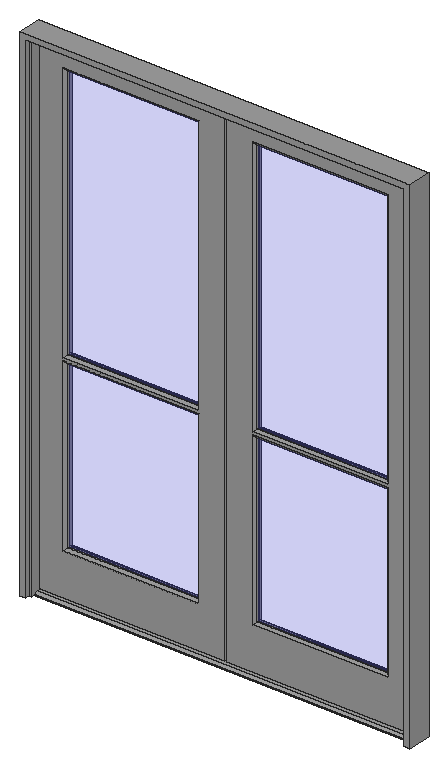
Revit family "WS-500 DOOR-Double-0.25-PD-CW_v05", category Curtain Panels, Revit 2015
Parameters
  Width [instance] = 6' - 2"
  URL = "obe.com"
  Rough Width [instance] = 6' - 0"
  Panel Width [instance] = Min Panel Width  # 6' - 0"
  Panel Offset [instance] = 0' - 0"
  Offset [instance] = 0' - 1"
  Model = "WS-500 DOOR"
  Min Rough Width [instance] = if(Rough Width > 6' 1 255/256", Rough Width, 6' 2")  # 6' - 2"
  Min Panel Width [instance] = if(Rough Width > 6' 1 255/256", Rough Width - 0' 2", 6' 0")  # 6' - 0"
  Manufacturer = "Oldcastle BuildingEnvelope®"
  Keynote = "08 11 00"
  Height [instance] = 8' - 0"
  Pushbar Height [instance] = 3' - 5 1/4"  # constant formula
  Glass Material = Glass
  Frame Material = Aluminum
  Door Panel Height [instance] = Height - 0' 0 1/2"  # 7' - 11 1/2"
  Description = "WS-500 - 0.25\" Door Infill"
  Assembly Code = "B2030"
  Analytic Construction = "<None>"
  8 Muntin [instance] = no
  6.5 Muntin [instance] = no
  10 Bottom Rail [instance] = not([8 Bottom Rail])  # no
  4 Muntin [instance] = no
  8 Bottom Rail [instance] = yes
  1.875 Muntin [instance] = no
  0.5 Muntin [instance] = if(or([1.875 Muntin], [4 Muntin], [6.5 Muntin], [8 Muntin]), 1 = 2, 1 = 1)  # yes
Reference planes (in)
  plane 1 "Front": y = 0
  plane 2: z = 0
  plane 3 "Center (Left/Right)": x = 0
  plane 4 "Left": x = -37
  plane 5 "Right": x = 37
  plane 6 "Top": z = 96
  plane 7 "Offset": y = -1
  plane 8: y = -2.28244
  plane 9: y = -2.28244
  plane 10: x = -37
  plane 11: x = 37
Forms (in)
  Sweep 1, solid, material "Aluminum" <- "Frame Material"
    path origin (0, -1, 0) x (-1, 0, 0) y (0, 0, 1)
      loop
        line (37, 0) -> (37, 96)
    profile origin (-37, -1, 48) x (1, 0, 0) y (0, 1, 0)
      loop
        line (1, -1.97) -> (1, 0) -> (0, 0) -> (0, -4.5) -> (1, -4.5) -> (1, -3.595) -> (1.5, -3.595) -> (1.5, -1.97) -> (1, -1.97)
  Sweep 2, solid, material "Aluminum" <- "Frame Material"
    path origin (0, -1, 0) x (-1, 0, 0) y (0, 0, 1)
      loop
        line (-37, 0) -> (-37, 96)
    profile origin (37, -1, 48) x (1, 0, 0) y (0, 1, 0)
      loop
        line (-1, -1.97) -> (-1.5, -1.97) -> (-1.5, -3.595) -> (-1, -3.595) -> (-1, -4.5) -> (0, -4.5) -> (0, 0) -> (-1, 0) -> (-1, -1.97)
  Extrusion 3, solid, material "Aluminum" <- "Frame Material"
    sketch origin (-37, 0, 0) x (0, -1, 0) y (0, 0, 1)
      loop
        line (2.97, 94.5) -> (4.595, 94.5) -> (4.595, 95) -> (5.5, 95) -> (5.5, 96) -> (1, 96) -> (1, 95) -> (2.97, 95) -> (2.97, 94.5)
    from -74 to 0
Cuts and joins
  joined: Sweep 1, Sweep 2, Extrusion 3
Text (in)
  text "Exterior" at (-54.29358, 31.38743, 0), in view "Ref. Level"
  text "Exterior" at (480, 41.53993, 89.60405), in view "Right"
  text "Exterior" at (-240, 57.82419, 105.78864), in view "Left"
Dimensions and locks (in)
  equal spacing: plane 4 "Left", plane 3 "Center (Left/Right)", plane 5 "Right"
  "Width": plane 4 "Left" to plane 5 "Right"
  "Height": plane 6 "Top" to plane 2
  "Offset": plane 1 "Front" to plane 7 "Offset"
  locked: plane 7 "Offset" to plane 8 at 1.28244
  locked: plane 7 "Offset" to plane 9 at 1.28244
  locked: plane 7 "Offset" to nested 4 at 1.28244
  Extrusion 3 sketch curve to Extrusion 3 sketch curve to Extrusion 3 sketch curve = 0' - 0 1/2" locked, 0' - 0" locked
  locked: Extrusion 3 sketch curve to Extrusion 3 sketch curve at 1
  plane 7 "Offset" to Extrusion 3 sketch curve to Extrusion 3 sketch curve to Extrusion 3 sketch curve to Extrusion 3 sketch curve = 0' - 0" locked, 0' - 1.97" locked, 0' - 1 5/8" locked, 0' - 0.905" locked
  equal spacing: plane 10, plane 3 "Center (Left/Right)", plane 11
  "Min Rough Width": plane 10 to plane 11
  aligned and locked: level to plane 2
  aligned and locked: nested 2 to plane 8
  aligned and locked: plane 9 to nested 3
  aligned and locked: plane 6 "Top" to Sweep 1 sketch curve
  aligned and locked: level to Sweep 1 sketch curve
  aligned and locked: plane 6 "Top" to Sweep 2 sketch curve
  aligned and locked: level to Sweep 2 sketch curve
  aligned and locked: plane 6 "Top" to nested 4
  aligned and locked: Extrusion 3 to plane 6 "Top"
  aligned and locked: Extrusion 3 sketch curve to plane 6 "Top"
  aligned and locked: nested 1 to plane 7 "Offset"  (x2)
  aligned and locked: plane 3 "Center (Left/Right)" to nested 1
  aligned and locked: nested 3 to plane 10
  aligned and locked: plane 11 to nested 2
  aligned and locked: Sweep 1 sketch curve to plane 10
  aligned and locked: plane 11 to Sweep 2 sketch curve
  aligned and locked: cut or joined group of Sweep 1, Sweep 2, Extrusion 3 to plane 11
  aligned and locked: cut or joined group of Sweep 1, Sweep 2, Extrusion 3 to plane 10
Automatic sketch dimensions
  Sweep 1 sketch curve to profile plane = 0' - 0"
  Sweep 1 sketch curve to plane 7 "Offset" = 0' - 0"
  Sweep 1 sketch curve to profile plane = 0' - 1"  (x2)
  Sweep 1 sketch curve to Sweep 1 sketch curve = 0' - 0 1/2"
  Sweep 1 sketch curve to plane 7 "Offset" = 0' - 1.97"
  Sweep 1 sketch curve to Sweep 1 sketch curve = 0' - 1 5/8"
  Sweep 1 sketch curve to Sweep 1 sketch curve = 0' - 0.905"
  Sweep 2 sketch curve to plane 7 "Offset" = 0' - 0"
  Sweep 2 sketch curve to profile plane = 0' - 0"
  profile plane to Sweep 2 sketch curve = 0' - 1"  (x2)
  Sweep 2 sketch curve to Sweep 2 sketch curve = 0' - 0 1/2"
  Sweep 2 sketch curve to plane 7 "Offset" = 0' - 1.97"
  Sweep 2 sketch curve to Sweep 2 sketch curve = 0' - 1 5/8"
  Sweep 2 sketch curve to Sweep 2 sketch curve = 0' - 0.905"
Nested families (in)
  nested 1: "WS-500 DOOR-Double-0.25-PD-Panel_v04" at (0, 5, 0), Frame Material <- "Frame Material", Glass Material <- "Glass Material", 0.5 Muntin <- "0.5 Muntin", 1.875 Muntin <- "1.875 Muntin", 4 Muntin <- "4 Muntin", 6.5 Muntin <- "6.5 Muntin", 8 Muntin <- "8 Muntin", Height <- "Door Panel Height", Width <- "Min Panel Width", 10 Bottom Rail <- "10 Bottom Rail", type "WS-500 PIVOT DOOR-Double-0.25-Panel"
    with Wing Width 3' - 0", built-in parameter 1001301 6' - 0", Pushbar Height 3' - 5 1/4", Offset 0' - 0", built-in parameter 1001300 7' - 11 1/2", Glass at Muntin 0' - 1 1/16", Glass Material Glass, Frame Material Aluminum, Bottom Rail 0' - 8 31/32", 8 Muntin no, 8 Bottom Rail yes, 6.5 Muntin no, 4 Muntin no, 10 Bottom Rail no, 1.875 Muntin no, 0.5 Muntin yes
  nested 2: "2.5x6-RTCIG CW-H8533-DHD-OHD SC-DI" at (37, -2.28244, 0) x (0, -1, 0) z (0, 0, 1), type "2.5x6-RTCIG CW-H8533-DHD-OHD SC-DI"
  nested 3: "2.5x6-RTCIG CW-H8533-DHD-OHD SC-DI" at (-37, -2.28244, 0) x (0, -1, 0) z (0, 0, 1), type "2.5x6-RTCIG CW-H8533-DHD-OHD SC-DI"
  nested 4: "2.5x6-RTCIG CW-H8533-DHD-OHD SC-DI" at (-33, -2.28244, 96) x (0, -1, 0) z (-1, 0, 0), type "2.5x6-RTCIG CW-H8533-DHD-OHD SC-DI"
Definition of nested family "WS-500 DOOR-Double-0.25-PD-Panel_v04"
  Parameters (values of type "WS-500 PIVOT DOOR-Double-0.25-Panel")
    Wing Width [instance] = Width / 2  # 3' - 0"
    Width [instance] = 6' - 0"
    Offset [instance] = 0' - 5 15/16"
    Height [instance] = 8' - 0"
    Glass at Muntin [instance] = if([8 Muntin], 0' 8 9/16", if([6.5 Muntin], 0' 7 1/16", if([4 Muntin], 0' 4 9/16", if([1.875 Muntin], 0' 2 109/256", 0' 1 1/16"))))  # 0' - 1 1/16"
    Pushbar Height [instance] = 3' - 5 1/4"  # constant formula
    Glass Material [instance] = none
    Frame Material [instance] = none
    Bottom Rail [instance] = if([10 Bottom Rail], 0' 10 31/32", 0' 8 31/32")  # 0' - 10 31/32"
    Analytic Construction = "<None>"
    8 Muntin [instance] = no
    8 Bottom Rail [instance] = not([10 Bottom Rail])  # no
    6.5 Muntin [instance] = no
    4 Muntin [instance] = no
    10 Bottom Rail [instance] = yes
    1.875 Muntin [instance] = no
    0.5 Muntin [instance] = if(or([1.875 Muntin], [4 Muntin], [6.5 Muntin], [8 Muntin]), 1 = 2, 1 = 1)  # yes
  Reference planes (in)
    plane 1 "00": y = -12.9375
    plane 2: z = 0
    plane 3 "Center (Left/Right)": x = 0
    plane 4: z = 96
    plane 5: x = -36
    plane 6: x = 36
    plane 7 "Center (Front/Back)": y = -6
    plane 8 "Exterior": y = -12.8125
    plane 9: z = 48
    plane 10: z = 91.09375
    plane 11: z = 41.78125
    plane 12: z = 40.71875
    plane 13: z = 10.96875
    plane 14: z = 41.25
    plane 15 "Offset": y = -11.9375
  Forms (in)
    Sweep 1, solid, material <- "Frame Material"
      path origin (0, -12.9375, 0) x (1, 0, 0) y (0, 0, 1)
        loop
          line (-35.79321, 96) -> (-0.22004, 96)
      profile origin (-18.00662, -12.9375, 96) x (0, 0, 1) y (0, -1, 0)
        loop
          line (-0.5, -0.875) -> (-0.5, 0.875) -> (-4.62093, 0.875) -> (-5.125, 0.45204) -> (-5.125, 0.125) -> (-4.90625, 0.125) -> (-4.90625, -0.125) -> (-5.125, -0.125) -> (-5.125, -0.45204) -> (-4.62093, -0.875) -> (-0.5, -0.875)
    Sweep 2, solid, material <- "Frame Material"
      path origin (0, -12.9375, 0) x (1, 0, 0) y (0, 0, 1)
        loop
          line (-0.22004, 0) -> (-35.79321, 0)
      profile origin (-18.00662, -12.9375, 0) x (0, 0, -1) y (0, -1, 0)
        loop
          line (-10.68343, -0.875) -> (-0.6875, -0.875) -> (-0.6875, 0.875) -> (-10.68343, 0.875) -> (-11.1875, 0.45204) -> (-11.1875, 0.125) -> (-10.96875, 0.125) -> (-10.96875, -0.125) -> (-11.1875, -0.125) -> (-11.1875, -0.45204) -> (-10.68343, -0.875)
    Sweep 3, solid, material <- "Frame Material"
      path origin (0, -12.9375, 0) x (1, 0, 0) y (0, 0, 1)
        loop
          line (36, 95.5) -> (36, 0.6875)
      profile origin (36, -12.9375, 48.09375) x (0, -1, 0) y (1, 0, 0)
        loop
          line (-0.875, -0.093) -> (-0.875, -5.08893) -> (-0.45204, -5.593) -> (-0.125, -5.593) -> (-0.125, -5.37425) -> (0.125, -5.37425) -> (0.125, -5.593) -> (0.45204, -5.593) -> (0.875, -5.08893) -> (0.875, -0.202) -> (-0.875, -0.093)
    Sweep 4, solid, material <- "Frame Material"
      path origin (0, -12.9375, 0) x (1, 0, 0) y (0, 0, 1)
        loop
          line (-36, 95.5) -> (-36, 0.6875)
      profile origin (-36, -12.9375, 48.09375) x (0, -1, 0) y (1, 0, 0)
        loop
          line (-0.875, 0.09779) -> (0.875, 0.20679) -> (0.875, 5.09372) -> (0.45204, 5.59779) -> (0.125, 5.59779) -> (0.125, 5.37904) -> (-0.125, 5.37904) -> (-0.125, 5.59779) -> (-0.45204, 5.59779) -> (-0.875, 5.09372) -> (-0.875, 0.09779)
    Sweep 5, solid, material <- "Frame Material"
      path origin (0, -12.9375, 0) x (1, 0, 0) y (0, 0, 1)
        loop
          line (-5.05843, 48) -> (-30.90628, 48)
      profile origin (-17.98235, -12.9375, 48) x (0, 0, -1) y (0, -1, 0)
        loop
          line (6, 0.45204) -> (6, 0.125) -> (6.21875, 0.125) -> (6.21875, -0.125) -> (6, -0.125) -> (6, -0.45204) -> (6.50407, -0.875) -> (6.99593, -0.875) -> (7.5, -0.45204) -> (7.5, -0.125) -> (7.28125, -0.125) -> (7.28125, 0.125) -> (7.5, 0.125) -> (7.5, 0.45204) -> (6.99593, 0.875) -> (6.50407, 0.875) -> (6, 0.45204)
    Sweep 6, solid, material <- "Frame Material"
      path origin (0, -12.9375, 0) x (1, 0, 0) y (0, 0, 1)
        loop
          line (0, 95.5) -> (0, 0.6875)
      profile origin (0, -12.9375, 48.09375) x (0, -1, 0) y (1, 0, 0)
        loop
          line (-0.875, -0.22004) -> (-0.875, -5.05843) -> (-0.45204, -5.5625) -> (-0.125, -5.5625) -> (-0.125, -5.34375) -> (0.125, -5.34375) -> (0.125, -5.5625) -> (0.45204, -5.5625) -> (0.875, -5.05843) -> (0.875, -0.22004)
          arc (0.875, -0.22004) -> (0, -0.0625) -> (-0.875, -0.22004) r 2.50872
        loop
          arc (-0.875, 0.22004) -> (0, 0.0625) -> (0.875, 0.22004) r 2.50872
          line (0.875, 0.22004) -> (0.875, 5.05843) -> (0.45204, 5.5625) -> (0.125, 5.5625) -> (0.125, 5.34375) -> (-0.125, 5.34375) -> (-0.125, 5.5625) -> (-0.45204, 5.5625) -> (-0.875, 5.05843) -> (-0.875, 0.22004)
    Sweep 7, solid, material <- "Frame Material"
      path origin (0, -12.9375, 0) x (1, 0, 0) y (0, 0, 1)
        loop
          line (0.22004, 96) -> (35.798, 96)
      profile origin (18.00902, -12.9375, 96) x (0, 0, 1) y (0, -1, 0)
        loop
          line (-0.5, -0.875) -> (-0.5, 0.875) -> (-4.62093, 0.875) -> (-5.125, 0.45204) -> (-5.125, 0.125) -> (-4.90625, 0.125) -> (-4.90625, -0.125) -> (-5.125, -0.125) -> (-5.125, -0.45204) -> (-4.62093, -0.875) -> (-0.5, -0.875)
    Sweep 8, solid, material <- "Frame Material"
      path origin (0, -12.9375, 0) x (1, 0, 0) y (0, 0, 1)
        loop
          line (30.91107, 48) -> (5.05843, 48)
      profile origin (17.98475, -12.9375, 48) x (0, 0, -1) y (0, -1, 0)
        loop
          line (6, 0.45204) -> (6, 0.125) -> (6.21875, 0.125) -> (6.21875, -0.125) -> (6, -0.125) -> (6, -0.45204) -> (6.50407, -0.875) -> (6.99593, -0.875) -> (7.5, -0.45204) -> (7.5, -0.125) -> (7.28125, -0.125) -> (7.28125, 0.125) -> (7.5, 0.125) -> (7.5, 0.45204) -> (6.99593, 0.875) -> (6.50407, 0.875) -> (6, 0.45204)
    Sweep 9, solid, material <- "Frame Material"
      path origin (0, -12.9375, 0) x (1, 0, 0) y (0, 0, 1)
        loop
          line (35.798, 0) -> (0.22004, 0)
      profile origin (18.00902, -12.9375, 0) x (0, 0, -1) y (0, -1, 0)
        loop
          line (-10.68343, -0.875) -> (-0.6875, -0.875) -> (-0.6875, 0.875) -> (-10.68343, 0.875) -> (-11.1875, 0.45204) -> (-11.1875, 0.125) -> (-10.96875, 0.125) -> (-10.96875, -0.125) -> (-11.1875, -0.125) -> (-11.1875, -0.45204) -> (-10.68343, -0.875)
    Extrusion 10, solid, material <- "Glass Material"
      sketch origin (0, 0, 0) x (1, 0, 0) y (0, 1, 0)
        loop
          line (-30.62575, -12.8125) -> (-30.62575, -13.0625) -> (-5.34375, -13.0625) -> (-5.34375, -12.8125) -> (-30.62575, -12.8125)
      from 10.96875 to 40.71875
    Extrusion 11, solid, material <- "Glass Material"
      sketch origin (0, 0, 0) x (1, 0, 0) y (0, 1, 0)
        loop
          line (5.34375, -12.8125) -> (5.34375, -13.0625) -> (30.62575, -13.0625) -> (30.62575, -12.8125) -> (5.34375, -12.8125)
      from 10.96875 to 40.71875
    Extrusion 12, solid, material <- "Glass Material"
      sketch origin (0, 0, 0) x (1, 0, 0) y (0, 1, 0)
        loop
          line (-5.34375, -12.8125) -> (-30.62575, -12.8125) -> (-30.62575, -13.0625) -> (-5.34375, -13.0625) -> (-5.34375, -12.8125)
      from 41.78125 to 91.09375
    Extrusion 13, solid, material <- "Glass Material"
      sketch origin (0, 0, 0) x (1, 0, 0) y (0, 1, 0)
        loop
          line (30.62575, -12.8125) -> (5.34375, -12.8125) -> (5.34375, -13.0625) -> (30.62575, -13.0625) -> (30.62575, -12.8125)
      from 41.78125 to 91.09375
    Sweep 14, solid, material <- "Frame Material"
      path origin (0, -11.9375, 0) x (1, 0, 0) y (0, 0, 1)
        loop
          line (-35.79321, 0) -> (35.798, 0)
      profile origin (0.0024, -11.9375, 0) x (0, 0, 1) y (0, -1, 0)
        loop
          line (0.5, 2.468) -> (0.19364, 3.125) -> (0, 3.125) -> (0, -0.875) -> (0.19364, -0.875) -> (0.5, -0.218) -> (0.5, 2.468)
  Cuts and joins
    joined: Sweep 1, Sweep 2, Sweep 3, Sweep 4, Sweep 5, Sweep 6, Sweep 7, Sweep 8, Sweep 9
  Lines and regions (in)
    model lines
      curve 1: line (5.5625, -12.8125, 90.875) -> (30.407, -12.8125, 48)
      curve 2: line (30.407, -12.8125, 48) -> (5.5625, -12.8125, 11.1875)
      curve 3: line (-5.5625, -12.8125, 90.875) -> (-30.40221, -12.8125, 48)
      curve 4: line (-30.40221, -12.8125, 48) -> (-5.5625, -12.8125, 11.1875)
  Dimensions and locks (in)
    "Height": plane 4 to plane 2
    equal spacing: plane 5, plane 3 "Center (Left/Right)", plane 6
    plane 1 "00" to plane 8 "Exterior" to plane 15 "Offset" = 0' - 0 1/8" locked, 0' - 0 7/8" locked
    locked: plane 3 "Center (Left/Right)" to Sweep 2 sketch curve at 0.22004
    locked: Sweep 3 sketch curve to plane 4 at 0.5
    locked: Sweep 4 sketch curve to plane 4 at 0.5
    locked: plane 3 "Center (Left/Right)" to Sweep 1 sketch curve at 0.22004
    Sweep 2 sketch curve to Sweep 2 sketch curve to Sweep 2 sketch curve to Sweep 2 sketch curve to Sweep 2 sketch curve = 0' - 0" locked, 0' - 0 7/32" locked, 0' - 0.28532" locked, 0' - 0" locked
    locked: plane 3 "Center (Left/Right)" to Sweep 5 sketch curve at 5.05843
    Sweep 5 sketch curve to Sweep 5 sketch curve to Sweep 5 sketch curve = 0' - 0.28532" locked, 0' - 0" locked
    Sweep 5 sketch curve to Sweep 5 sketch curve to Sweep 5 sketch curve to Sweep 5 sketch curve to Sweep 5 sketch curve = 0' - 0" locked, 0' - 0.28532" locked, 0' - 0 7/32" locked, 0' - 0" locked
    locked: Sweep 7 sketch curve to plane 3 "Center (Left/Right)" at 0.22004
    Sweep 8 sketch curve to Sweep 8 sketch curve to Sweep 8 sketch curve = 0' - 0.28532" locked, 0' - 0" locked
    Sweep 8 sketch curve to Sweep 8 sketch curve to Sweep 8 sketch curve to Sweep 8 sketch curve to Sweep 8 sketch curve = 0' - 0" locked, 0' - 0.28532" locked, 0' - 0 7/32" locked, 0' - 0" locked
    locked: Sweep 8 sketch curve to plane 3 "Center (Left/Right)" at 5.05843
    Sweep 9 sketch curve to Sweep 9 sketch curve to Sweep 9 sketch curve to Sweep 9 sketch curve to Sweep 9 sketch curve = 0' - 0" locked, 0' - 0 7/32" locked, 0' - 0.28532" locked, 0' - 0" locked
    locked: Sweep 9 sketch curve to plane 3 "Center (Left/Right)" at 0.22004
    "Bottom Rail": Sweep 9 sketch curve to level
    Extrusion 11 sketch curve to plane 1 "00" to Extrusion 11 sketch curve = 0' - 0 1/8" locked, 0' - 0 1/8" locked
    locked: plane 3 "Center (Left/Right)" to Extrusion 11 sketch curve at 5.34375
    Extrusion 10 sketch curve to plane 1 "00" to Extrusion 10 sketch curve = 0' - 0 1/8" locked, 0' - 0 1/8" locked
    locked: Extrusion 10 sketch curve to plane 3 "Center (Left/Right)" at 5.34375
    locked: Extrusion 12 sketch curve to plane 3 "Center (Left/Right)" at 5.34375
    Extrusion 12 sketch curve to plane 1 "00" to Extrusion 12 sketch curve = 0' - 0 1/8" locked, 0' - 0 1/8" locked
    Extrusion 13 sketch curve to plane 1 "00" to Extrusion 13 sketch curve = 0' - 0 1/8" locked, 0' - 0 1/8" locked
    locked: plane 3 "Center (Left/Right)" to Extrusion 13 sketch curve at 5.34375
    locked: plane 4 to Extrusion 13 at 4.90625
    locked: Sweep 6 sketch curve to plane 4 at 0.5
    "Glass at Muntin": plane 11 to plane 12
    locked: plane 4 to plane 10 at 4.90625
    equal spacing: plane 2, plane 9, plane 4
    "Width": plane 5 to plane 6
    "Offset": plane 15 "Offset" to plane 7 "Center (Front/Back)"
    locked: plane 6 to Sweep 7 sketch curve at 0.202
    locked: Sweep 1 sketch curve to plane 5 at 0.20679
    locked: plane 6 to Sweep 9 sketch curve at 0.202
    locked: Sweep 2 sketch curve to plane 5 at 0.20679
    "Bottom Rail": plane 13 to level
    equal spacing: plane 11, plane 14, plane 12
    "Pushbar Height": plane 14 to plane 2
    locked: plane 6 to Sweep 14 sketch curve at 0.202
    locked: Sweep 14 sketch curve to plane 5 at 0.20679
    locked: Sweep 4 sketch curve to plane 2 at 0.6875
    locked: Sweep 6 sketch curve to plane 2 at 0.6875
    locked: Sweep 3 sketch curve to plane 2 at 0.6875
    aligned and locked: plane 2 to level
    aligned and locked: Sweep 1 sketch curve to plane 4
    aligned and locked: Sweep 2 sketch curve to level
    aligned and locked: level to nested 1
    aligned and locked: Sweep 5 sketch curve to plane 9
    aligned and locked: plane 3 "Center (Left/Right)" to Sweep 6 sketch curve
    aligned and locked: Sweep 9 sketch curve to level
    aligned and locked: Sweep 8 sketch curve to plane 9
    aligned and locked: plane 4 to Sweep 7 sketch curve
    aligned and locked: Extrusion 12 to cut or joined group of Sweep 1, Sweep 2, Sweep 3, Sweep 4, Sweep 5, Sweep 6, Sweep 7, Sweep 8, Sweep 9
    aligned and locked: Extrusion 13 to cut or joined group of Sweep 1, Sweep 2, Sweep 3, Sweep 4, Sweep 5, Sweep 6, Sweep 7, Sweep 8, Sweep 9
    aligned and locked: Extrusion 10 to plane 12  (x2)
    aligned and locked: plane 10 to Extrusion 12  (x2)
    aligned and locked: Sweep 5 sketch curve to plane 11
    aligned and locked: Sweep 5 sketch curve to plane 12
    aligned and locked: plane 10 to Extrusion 13  (x2)
    aligned and locked: Sweep 8 sketch curve to plane 12
    aligned and locked: plane 13 to Extrusion 11
    aligned and locked: Extrusion 11 to plane 12
    aligned and locked: plane 11 to Extrusion 13
    aligned and locked: plane 11 to Extrusion 12
    aligned and locked: plane 13 to Extrusion 10
    aligned and locked: plane 9 to curve 2
    aligned and locked: plane 13 to Sweep 2 sketch curve
    aligned and locked: Sweep 8 sketch curve to plane 11
    aligned and locked: Sweep 4 sketch curve to plane 5
    aligned and locked: Extrusion 12 to Extrusion 10
    aligned and locked: Sweep 3 sketch curve to plane 6
    aligned and locked: Extrusion 11 to Extrusion 13
    aligned and locked: nested 1 to plane 1 "00"
    aligned and locked: cut or joined group of Sweep 1, Sweep 2, Sweep 3, Sweep 4, Sweep 5, Sweep 6, Sweep 7, Sweep 8, Sweep 9 to curve 3
    aligned and locked: nested 2 to plane 3 "Center (Left/Right)"
    aligned and locked: plane 1 "00" to nested 2
    aligned and locked: Sweep 14 sketch curve to plane 2
  Automatic sketch dimensions
    plane 1 "00" to Sweep 6 sketch curve = 0' - 0"  (x2)
    Sweep 6 sketch curve to plane 1 "00" = 0' - 0 1/8"  (x2)
    Sweep 6 sketch curve to Sweep 6 sketch curve = 0' - 0.32704"  (x4)
    Sweep 6 sketch curve to profile plane = 0' - 0.22004"
    Sweep 6 sketch curve to plane 1 "00" = 0' - 0 7/8"
    Sweep 6 sketch curve to Sweep 6 sketch curve = 0' - 0.42296"  (x3)
    plane 1 "00" to Sweep 6 sketch curve = 0' - 0 1/8"  (x2)
    profile plane to Sweep 6 sketch curve = 0' - 0.22004"
    Sweep 6 sketch curve to Sweep 6 sketch curve = 0' - 4.83839"  (x2)
    Sweep 6 sketch curve to Sweep 6 sketch curve = 0' - 0"  (x2)
    Sweep 6 sketch curve to Sweep 6 sketch curve = 0' - 0.28532"  (x2)
    Sweep 6 sketch curve to Sweep 6 sketch curve = 0' - 2.77253"  (x2)
    Sweep 6 sketch curve to Sweep 6 sketch curve = 0' - 2.99128"  (x4)
    Sweep 3 sketch curve to plane 1 "00" = 0' - 0.45204"
    Sweep 3 sketch curve to plane 1 "00" = 0' - 0 1/8"
    plane 1 "00" to Sweep 3 sketch curve = 0' - 0 1/8"
    Sweep 3 sketch curve to Sweep 3 sketch curve = 0' - 0.32704"
    Sweep 3 sketch curve to Sweep 3 sketch curve = 0' - 0.42296"  (x2)
    profile plane to Sweep 3 sketch curve = 0' - 5.593"
    Sweep 3 sketch curve to Sweep 3 sketch curve = 0' - 0"
    Sweep 3 sketch curve to Sweep 3 sketch curve = 0' - 0 7/32"
    Sweep 3 sketch curve to Sweep 3 sketch curve = 0' - 0.50407"  (x2)
    profile plane to Sweep 3 sketch curve = 0' - 0.093"
    profile plane to Sweep 3 sketch curve = 0' - 0.202"
    Sweep 4 sketch curve to plane 1 "00" = 0' - 0 7/8"
    Sweep 4 sketch curve to plane 1 "00" = 0' - 0.45204"
    Sweep 4 sketch curve to plane 1 "00" = 0' - 0 1/8"
    plane 1 "00" to Sweep 4 sketch curve = 0' - 0 1/8"
    Sweep 4 sketch curve to Sweep 4 sketch curve = 0' - 0.32704"
    Sweep 4 sketch curve to Sweep 4 sketch curve = 0' - 0.42296"
    Sweep 4 sketch curve to profile plane = 0' - 0.20679"
    Sweep 4 sketch curve to Sweep 4 sketch curve = 0' - 4.88693"
    Sweep 4 sketch curve to Sweep 4 sketch curve = 0' - 0"
    Sweep 4 sketch curve to Sweep 4 sketch curve = 0' - 0.28532"
    Sweep 4 sketch curve to Sweep 4 sketch curve = 0' - 0 7/32"  (x2)
    Sweep 4 sketch curve to Sweep 4 sketch curve = 0' - 0.109"
    plane 1 "00" to Sweep 5 sketch curve = 0' - 0.45204"
    Sweep 5 sketch curve to Sweep 5 sketch curve = 0' - 0"
    Sweep 5 sketch curve to Sweep 5 sketch curve = 0' - 0 7/32"
    plane 1 "00" to Sweep 5 sketch curve = 0' - 0 1/8"  (x2)
    Sweep 5 sketch curve to plane 1 "00" = 0' - 0 1/8"  (x2)
    Sweep 5 sketch curve to Sweep 5 sketch curve = 0' - 0.32704"  (x3)
    Sweep 5 sketch curve to Sweep 5 sketch curve = 0' - 0.42296"  (x2)
    profile plane to Sweep 2 sketch curve = 0' - 0 11/16"
    Sweep 2 sketch curve to plane 1 "00" = 0' - 0.45204"
    Sweep 2 sketch curve to plane 1 "00" = 0' - 0 1/8"
    plane 1 "00" to Sweep 2 sketch curve = 0' - 0 1/8"
    Sweep 2 sketch curve to Sweep 2 sketch curve = 0' - 0.32704"
    Sweep 2 sketch curve to Sweep 2 sketch curve = 0' - 0.42296"  (x2)
    Sweep 8 sketch curve to Sweep 8 sketch curve = 0' - 0 7/32"  (x2)
    Sweep 8 sketch curve to plane 1 "00" = 0' - 0 7/8"
    Sweep 8 sketch curve to plane 1 "00" = 0' - 0.45204"  (x2)
    Sweep 8 sketch curve to plane 1 "00" = 0' - 0 1/8"  (x2)
    plane 1 "00" to Sweep 8 sketch curve = 0' - 0 1/8"  (x2)
    Sweep 8 sketch curve to Sweep 8 sketch curve = 0' - 0.32704"  (x2)
    Sweep 8 sketch curve to Sweep 8 sketch curve = 0' - 0.42296"
    plane 5 to Extrusion 10 sketch curve = 0' - 5.37425"
    plane 5 to Extrusion 12 sketch curve = 0' - 5.37425"
    Extrusion 11 sketch curve to plane 6 = 0' - 5.37425"
    Extrusion 13 sketch curve to plane 6 = 0' - 5.37425"
    plane 5 to Sweep 5 sketch curve = 0' - 5.09372"
    Sweep 8 sketch curve to plane 6 = 0' - 5.08893"
    curve 4 to plane 9 = 0' - 0"
    curve 3 to plane 10 = 0' - 0 7/32"
    curve 3 to plane 3 "Center (Left/Right)" = 0' - 5 9/16"
    plane 13 to curve 4 = 0' - 0 7/32"
    curve 4 to plane 3 "Center (Left/Right)" = 0' - 5 9/16"
    plane 13 to curve 2 = 0' - 0 7/32"
    plane 3 "Center (Left/Right)" to curve 2 = 0' - 5 9/16"
    curve 1 to plane 10 = 0' - 0 7/32"
    plane 3 "Center (Left/Right)" to curve 1 = 0' - 5 9/16"
    curve 2 to plane 6 = 0' - 5.593"
    Sweep 14 sketch curve to profile plane = 0' - 0.19364"  (x2)
    Sweep 14 sketch curve to plane 15 "Offset" = 0' - 0 7/8"
    Sweep 14 sketch curve to plane 15 "Offset" = 0' - 0.218"
    Sweep 14 sketch curve to Sweep 14 sketch curve = 0' - 2.686"
    Sweep 14 sketch curve to profile plane = 0' - 0"
    Sweep 14 sketch curve to profile plane = 0' - 0 1/2"
    Sweep 14 sketch curve to Sweep 14 sketch curve = 0' - 0.657"
    plane 1 "00" to Sweep 1 sketch curve = 0' - 0 1/8"
    profile plane to Sweep 1 sketch curve = 0' - 5 1/8"
    Sweep 1 sketch curve to plane 1 "00" = 0' - 0.45204"
    Sweep 1 sketch curve to Sweep 1 sketch curve = 0' - 0"
    Sweep 1 sketch curve to Sweep 1 sketch curve = 0' - 0 7/32"
    plane 1 "00" to Sweep 1 sketch curve = 0' - 0 7/8"
    Sweep 1 sketch curve to Sweep 1 sketch curve = 0' - 0.50407"  (x2)
    profile plane to Sweep 1 sketch curve = 0' - 0 1/2"
    Sweep 1 sketch curve to plane 1 "00" = 0' - 0 7/8"
    Sweep 1 sketch curve to plane 1 "00" = 0' - 0 1/8"
    Sweep 1 sketch curve to Sweep 1 sketch curve = 0' - 0.32704"
    plane 1 "00" to Sweep 7 sketch curve = 0' - 0 1/8"
    profile plane to Sweep 7 sketch curve = 0' - 5 1/8"
    Sweep 7 sketch curve to plane 1 "00" = 0' - 0.45204"
    Sweep 7 sketch curve to Sweep 7 sketch curve = 0' - 0"
    Sweep 7 sketch curve to Sweep 7 sketch curve = 0' - 0 7/32"
    plane 1 "00" to Sweep 7 sketch curve = 0' - 0 7/8"
    Sweep 7 sketch curve to Sweep 7 sketch curve = 0' - 0.50407"  (x2)
    profile plane to Sweep 7 sketch curve = 0' - 0 1/2"
    Sweep 7 sketch curve to plane 1 "00" = 0' - 0 7/8"
    Sweep 7 sketch curve to plane 1 "00" = 0' - 0 1/8"
    Sweep 7 sketch curve to Sweep 7 sketch curve = 0' - 0.32704"
    profile plane to Sweep 9 sketch curve = 0' - 0 11/16"
    Sweep 9 sketch curve to plane 1 "00" = 0' - 0 7/8"
    Sweep 9 sketch curve to plane 1 "00" = 0' - 0.45204"
    Sweep 9 sketch curve to plane 1 "00" = 0' - 0 1/8"
    plane 1 "00" to Sweep 9 sketch curve = 0' - 0 1/8"
    Sweep 9 sketch curve to Sweep 9 sketch curve = 0' - 0.32704"
    Sweep 9 sketch curve to Sweep 9 sketch curve = 0' - 0.42296"
  Nested families (in)
    nested 1: "WS-500 DOOR-Double-0.25-PD-Section_v02" at (0, -12.9375, 0) x (0, -1, 0) z (1, 0, 0), Height <- "Height", 0.5 Muntin <- "0.5 Muntin", 1.875 Muntin <- "1.875 Muntin", 4 Muntin <- "4 Muntin", 6.5 Muntin <- "6.5 Muntin", 8 Muntin <- "8 Muntin", 10 Bottom Rail <- "10 Bottom Rail", type "WS-500 DOOR-Double-0.25-PD-Section_v02"
      with Pushbar Height 3' - 5 1/4", Height 8' - 0", Glass at Muntins 0' - 1 1/16", Bottom Rail 0' - 10 31/32", 8 Muntin no, 8 Bottom Rail no, 6.5 Muntin no, 4 Muntin no, 10 Bottom Rail yes, 1.875 Muntin no, 0.5 Muntin yes
    nested 2: "WS-500 PIVOT DOOR-Double-0.25-Plan View_v02" at (-24, -12.9375, 0), Wing Width <- "Wing Width", Width <- "Width", type "WS-500 PIVOT DOOR-Double-0.25-Plan View_v02"
      with Wing Width 3' - 0", Width 6' - 0"
  Definition of nested family "WS-500 DOOR-Double-0.25-PD-Section_v02"
    Parameters (values of type "WS-500 DOOR-Double-0.25-PD-Section_v02")
      Height [instance] = 9' - 0"
      Glass at Muntins [instance] = if([8 Muntin], 0' 8 9/16", if([6.5 Muntin], 0' 7 1/16", if([4 Muntin], 0' 4 9/16", if([1.875 Muntin], 0' 2 7/16", 0' 1 1/16"))))  # 0' - 1 1/16"
      Pushbar Height [instance] = 3' - 5 1/4"  # constant formula
      Bottom Rail [instance] = if([8 Bottom Rail], 0' 8 31/32", 0' 10 31/32")  # 0' - 8 31/32"
      8 Muntin [instance] = no
      6.5 Muntin [instance] = no
      8 Bottom Rail [instance] = not([10 Bottom Rail])  # yes
      4 Muntin [instance] = no
      10 Bottom Rail [instance] = no
      1.875 Muntin [instance] = no
      0.5 Muntin [instance] = if(or([1.875 Muntin], [4 Muntin], [6.5 Muntin], [8 Muntin]), 1 = 2, 1 = 1)  # yes
    Reference planes (in)
      plane 1 "Center (Front/Back)": y = 0
      plane 2: z = 0
      plane 3 "Center (Left/Right)": x = 0
      plane 4: y = 8.96875
      plane 5: y = 103.09375
      plane 6: y = 108
      plane 7: y = 41.78125
      plane 8: y = 40.71875
      plane 9: y = 45.75
      plane 10: y = 41.25
      plane 11: y = 45
      plane 12: y = 43.75
      plane 13: y = 42.6825
      plane 14: y = 42
    Lines and regions (in)
      detail lines, in view "Ref. Level"
        curve 1: line (-0.125, 103.09375, 0) -> (-0.125, 41.78125, 0)
        curve 5: line (0.125, 103.09375, 0) -> (0.125, 41.78125, 0)
        curve 6: line (0.125, 40.71875, 0) -> (0.125, 8.96875, 0)
        curve 10: line (-0.125, 40.71875, 0) -> (-0.125, 8.96875, 0)
      detail lines, in view "Ref. Level", detail levels fine
        curve 2: line (-0.0625, 103.09375, 0) -> (-0.0625, 41.78125, 0)
        curve 3: line (0, 103.09375, 0) -> (0, 41.78125, 0)
        curve 4: line (0.0625, 103.09375, 0) -> (0.0625, 41.78125, 0)
        curve 7: line (0.0625, 40.71875, 0) -> (0.0625, 8.96875, 0)
        curve 8: line (0, 40.71875, 0) -> (0, 8.96875, 0)
        curve 9: line (-0.0625, 40.71875, 0) -> (-0.0625, 8.96875, 0)
    Dimensions and locks (in)
      "Bottom Rail": plane 4 to plane 1 "Center (Front/Back)"
      "Height": plane 6 to plane 1 "Center (Front/Back)"
      "Glass at Muntins": plane 8 to plane 7
      nested 1 to plane 6 to plane 5 = 0' - 3" locked, 0' - 4 29/32" locked
      equal spacing: plane 8, plane 10, plane 7
      "Pushbar Height": plane 1 "Center (Front/Back)" to plane 10
      plane 10 to plane 14 to plane 13 to plane 12 to plane 11 to plane 9 = 0' - 0 3/4" locked, 0' - 0.6825" locked, 0' - 1.0675" locked, 0' - 1 1/4" locked, 0' - 0 3/4" locked
      aligned and locked: plane 5 to curve 2
      aligned and locked: plane 5 to curve 1
      aligned and locked: plane 3 "Center (Left/Right)" to nested 1
      aligned and locked: plane 3 "Center (Left/Right)" to nested 2
      aligned and locked: plane 4 to curve 10
      aligned and locked: plane 4 to curve 9
      aligned and locked: plane 4 to curve 6
      aligned and locked: plane 4 to curve 7
      aligned and locked: plane 4 to curve 8
      aligned and locked: plane 5 to curve 5
      aligned and locked: plane 5 to curve 4
      aligned and locked: plane 5 to curve 3
      aligned and locked: plane 3 "Center (Left/Right)" to nested 3
      aligned and locked: plane 3 "Center (Left/Right)" to nested 4
      aligned and locked: plane 7 to curve 1
      aligned and locked: plane 7 to curve 2
      aligned and locked: plane 7 to curve 3
      aligned and locked: plane 7 to curve 4
      aligned and locked: plane 7 to curve 5
      aligned and locked: plane 8 to curve 6
      aligned and locked: plane 8 to curve 7
      aligned and locked: plane 8 to curve 8
      aligned and locked: plane 8 to curve 9
      aligned and locked: plane 8 to curve 10
      aligned and locked: plane 3 "Center (Left/Right)" to nested 5
      aligned and locked: plane 3 "Center (Left/Right)" to nested 6
      aligned and locked: plane 3 "Center (Left/Right)" to nested 7
      aligned and locked: plane 9 to nested 8
      aligned and locked: plane 3 "Center (Left/Right)" to nested 8
      aligned and locked: plane 1 "Center (Front/Back)" to nested 3
      aligned and locked: plane 1 "Center (Front/Back)" to nested 2
      aligned and locked: plane 11 to nested 7
      aligned and locked: plane 12 to nested 6
      aligned and locked: plane 13 to nested 5
      aligned and locked: plane 14 to nested 4
    Automatic sketch dimensions
      curve 8 to plane 3 "Center (Left/Right)" = 0' - 0"
      curve 3 to plane 3 "Center (Left/Right)" = 0' - 0"
      curve 9 to plane 3 "Center (Left/Right)" = 0' - 0 1/16"
      curve 2 to plane 3 "Center (Left/Right)" = 0' - 0 1/16"
      curve 1 to curve 2 = 0' - 0 1/16"
      curve 10 to curve 9 = 0' - 0 1/16"
      plane 3 "Center (Left/Right)" to curve 7 = 0' - 0 1/16"
      plane 3 "Center (Left/Right)" to curve 4 = 0' - 0 1/16"
      curve 7 to curve 6 = 0' - 0 1/16"
      curve 4 to curve 5 = 0' - 0 1/16"
    Nested families (in)
      nested 1: "TOP RAIL-DI" at (0, 111, 0), type "TOP RAIL-DI", in view "Ref. Level"
      nested 2: "10 Bottom Rail and Threshold-DI" at (0, 11.1875, 0), visible <- "10 Bottom Rail", type "10 BOT RAIL-DI", in view "Ref. Level"
      nested 3: "8 Bottom Rail and Threshold-DI" at (0, 9.1875, 0), visible <- "8 Bottom Rail", type "8 BOT RAIL-DI", in view "Ref. Level"
      nested 4: "0.5 MUNTIN-DI" at (0, 42, 0), visible <- "0.5 Muntin", type "0.5 MUNTIN-DI", in view "Ref. Level"
      nested 5: "1.875 Muntin-DI" at (0, 42.6825, 0), visible <- "1.875 Muntin", type "1.875 MUNTIN-DI", in view "Ref. Level"
      nested 6: "4 Muntin-DI" at (0, 43.75, 0), visible <- "4 Muntin", type "4 MUNTIN-DI", in view "Ref. Level"
      nested 7: "6.5 Muntin-DI" at (0, 45, 0), visible <- "6.5 Muntin", type "6.5 MUNTIN-DI", in view "Ref. Level"
      nested 8: "8 Muntin-DI" at (0, 45.75, 0), visible <- "8 Muntin", type "8 MUNTIN-DI", in view "Ref. Level"
    Definition of nested family "TOP RAIL-DI"
      Reference planes (in)
        plane 1 "Center (Front/Back)": y = 0
        plane 2: z = 0
        plane 3 "Center (Left/Right)": x = 0
      Lines and regions (in)
        detail lines, in view "Ref. Level"
          curve 1: line (-0.875, -3.625, 0) -> (0.875, -3.625, 0)
          curve 2: line (0.875, -3.625, 0) -> (0.875, -7.62093, 0)
          curve 3: line (0.875, -7.62093, 0) -> (0.45204, -8.125, 0)
          curve 4: line (0.45204, -8.125, 0) -> (0.125, -8.125, 0)
          curve 5: line (0.125, -8.125, 0) -> (0.125, -7.90625, 0)
          curve 6: line (0.125, -7.90625, 0) -> (-0.125, -7.90625, 0)
          curve 7: line (-0.125, -7.90625, 0) -> (-0.125, -8.125, 0)
          curve 8: line (-0.125, -8.125, 0) -> (-0.45204, -8.125, 0)
          curve 9: line (-0.45204, -8.125, 0) -> (-0.875, -7.62093, 0)
          curve 10: line (-0.875, -7.62093, 0) -> (-0.875, -3.625, 0)
    Definition of nested family "10 Bottom Rail and Threshold-DI"
      Reference planes (in)
        plane 1 "Center (Front/Back)": y = 0
        plane 2: z = 0
        plane 3 "Center (Left/Right)": x = 0
      Lines and regions (in)
        detail lines, in view "Ref. Level"
          curve 1: line (-0.875, -0.50407, 0) -> (-0.875, -10.5, 0)
          curve 2: line (-0.875, -10.5, 0) -> (0.875, -10.5, 0)
          curve 3: line (0.875, -10.5, 0) -> (0.875, -0.50407, 0)
          curve 4: line (0.875, -0.50407, 0) -> (0.45204, 0, 0)
          curve 5: line (0.45204, 0, 0) -> (0.125, 0, 0)
          curve 6: line (0.125, 0, 0) -> (0.125, -0.21875, 0)
          curve 7: line (0.125, -0.21875, 0) -> (-0.125, -0.21875, 0)
          curve 8: line (-0.125, -0.21875, 0) -> (-0.125, 0, 0)
          curve 9: line (-0.125, 0, 0) -> (-0.45204, 0, 0)
          curve 10: line (-0.45204, 0, 0) -> (-0.875, -0.50407, 0)
          curve 11: line (-1.8125, -10.99386, 0) -> (-1.1555, -10.6875, 0)
          curve 12: line (-1.1555, -10.6875, 0) -> (1.5305, -10.6875, 0)
          curve 13: line (1.5305, -10.6875, 0) -> (2.1875, -10.99386, 0)
          curve 14: line (2.1875, -10.99386, 0) -> (2.1875, -11.18749, 0)
          curve 15: line (2.1875, -11.18749, 0) -> (-1.8125, -11.18749, 0)
          curve 16: line (-1.8125, -11.18749, 0) -> (-1.8125, -10.99386, 0)
    Definition of nested family "8 Bottom Rail and Threshold-DI"
      Reference planes (in)
        plane 1 "Center (Front/Back)": y = 0
        plane 2: z = 0
        plane 3 "Center (Left/Right)": x = 0
      Lines and regions (in)
        detail lines, in view "Ref. Level"
          curve 1: line (-0.45204, 0, 0) -> (-0.875, -0.50407, 0)
          curve 2: line (-0.875, -0.50407, 0) -> (-0.875, -8.5, 0)
          curve 3: line (-0.875, -8.5, 0) -> (0.875, -8.5, 0)
          curve 4: line (0.875, -8.5, 0) -> (0.875, -0.50407, 0)
          curve 5: line (0.875, -0.50407, 0) -> (0.45204, 0, 0)
          curve 6: line (0.45204, 0, 0) -> (0.125, 0, 0)
          curve 7: line (0.125, 0, 0) -> (0.125, -0.21875, 0)
          curve 8: line (0.125, -0.21875, 0) -> (-0.125, -0.21875, 0)
          curve 9: line (-0.125, -0.21875, 0) -> (-0.125, 0, 0)
          curve 10: line (-0.125, 0, 0) -> (-0.45204, 0, 0)
          curve 11: line (-1.8125, -8.99386, 0) -> (-1.1555, -8.6875, 0)
          curve 12: line (-1.1555, -8.6875, 0) -> (1.5305, -8.6875, 0)
          curve 13: line (1.5305, -8.6875, 0) -> (2.1875, -8.99386, 0)
          curve 14: line (2.1875, -8.99386, 0) -> (2.1875, -9.18749, 0)
          curve 15: line (2.1875, -9.18749, 0) -> (-1.8125, -9.18749, 0)
          curve 16: line (-1.8125, -9.18749, 0) -> (-1.8125, -8.99386, 0)
    Definition of nested family "0.5 MUNTIN-DI"
      Reference planes (in)
        plane 1 "Center (Front/Back)": y = 0
        plane 2: z = 0
        plane 3 "Center (Left/Right)": x = 0
    Definition of nested family "1.875 Muntin-DI"
      Reference planes (in)
        plane 1 "Center (Front/Back)": y = 0
        plane 2: z = 0
        plane 3 "Center (Left/Right)": x = 0
      Lines and regions (in)
        detail lines, in view "Ref. Level"
          curve 1: line (-0.125, 0, 0) -> (-0.45204, 0, 0)
          curve 2: line (-0.45204, 0, 0) -> (-0.875, -0.50407, 0)
          curve 3: line (-0.875, -0.50407, 0) -> (-0.875, -2.36093, 0)
          curve 4: line (-0.875, -2.36093, 0) -> (-0.45204, -2.865, 0)
          curve 5: line (-0.45204, -2.865, 0) -> (-0.125, -2.865, 0)
          curve 6: line (-0.125, -2.865, 0) -> (-0.125, -2.64625, 0)
          curve 7: line (-0.125, -2.64625, 0) -> (0.125, -2.64625, 0)
          curve 8: line (0.125, -2.64625, 0) -> (0.125, -2.865, 0)
          curve 9: line (0.125, -2.865, 0) -> (0.45204, -2.865, 0)
          curve 10: line (0.45204, -2.865, 0) -> (0.87159, -2.365, 0)
          curve 11: line (0.87159, -2.365, 0) -> (0.87159, -0.50593, 0)
          curve 12: line (0.87159, -0.50593, 0) -> (0.44706, 0, 0)
          curve 13: line (0.44706, 0, 0) -> (0.125, 0, 0)
          curve 14: line (0.125, 0, 0) -> (0.125, -0.21875, 0)
          curve 15: line (0.125, -0.21875, 0) -> (-0.125, -0.21875, 0)
          curve 16: line (-0.125, -0.21875, 0) -> (-0.125, 0, 0)
    Definition of nested family "4 Muntin-DI"
      Reference planes (in)
        plane 1 "Center (Front/Back)": y = 0
        plane 2: z = 0
        plane 3 "Center (Left/Right)": x = 0
      Lines and regions (in)
        detail lines, in view "Ref. Level"
          curve 1: line (-0.45204, 0, 0) -> (-0.875, -0.50407, 0)
          curve 2: line (-0.875, -0.50407, 0) -> (-0.875, -4.49593, 0)
          curve 3: line (-0.875, -4.49593, 0) -> (-0.45204, -5, 0)
          curve 4: line (-0.45204, -5, 0) -> (-0.125, -5, 0)
          curve 5: line (-0.125, -5, 0) -> (-0.125, -4.78125, 0)
          curve 6: line (-0.125, -4.78125, 0) -> (0.125, -4.78125, 0)
          curve 7: line (0.125, -4.78125, 0) -> (0.125, -5, 0)
          curve 8: line (0.125, -5, 0) -> (0.45204, -5, 0)
          curve 9: line (0.45204, -5, 0) -> (0.875, -4.49593, 0)
          curve 10: line (0.875, -4.49593, 0) -> (0.875, -0.50407, 0)
          curve 11: line (0.875, -0.50407, 0) -> (0.45204, 0, 0)
          curve 12: line (0.45204, 0, 0) -> (0.125, 0, 0)
          curve 13: line (0.125, 0, 0) -> (0.125, -0.21875, 0)
          curve 14: line (0.125, -0.21875, 0) -> (-0.125, -0.21875, 0)
          curve 15: line (-0.125, -0.21875, 0) -> (-0.125, 0, 0)
          curve 16: line (-0.125, 0, 0) -> (-0.45204, 0, 0)
    Definition of nested family "6.5 Muntin-DI"
      Reference planes (in)
        plane 1 "Center (Front/Back)": y = 0
        plane 2: z = 0
        plane 3 "Center (Left/Right)": x = 0
      Lines and regions (in)
        detail lines, in view "Ref. Level"
          curve 1: line (-0.45204, 0, 0) -> (-0.875, -0.50407, 0)
          curve 2: line (-0.875, -0.50407, 0) -> (-0.875, -6.99593, 0)
          curve 3: line (-0.875, -6.99593, 0) -> (-0.45204, -7.5, 0)
          curve 4: line (-0.45204, -7.5, 0) -> (-0.125, -7.5, 0)
          curve 5: line (-0.125, -7.5, 0) -> (-0.125, -7.28125, 0)
          curve 6: line (-0.125, -7.28125, 0) -> (0.125, -7.28125, 0)
          curve 7: line (0.125, -7.28125, 0) -> (0.125, -7.5, 0)
          curve 8: line (0.125, -7.5, 0) -> (0.45204, -7.5, 0)
          curve 9: line (0.45204, -7.5, 0) -> (0.875, -6.99593, 0)
          curve 10: line (0.875, -6.99593, 0) -> (0.875, -0.50407, 0)
          curve 11: line (0.875, -0.50407, 0) -> (0.45204, 0, 0)
          curve 12: line (0.45204, 0, 0) -> (0.125, 0, 0)
          curve 13: line (0.125, 0, 0) -> (0.125, -0.21875, 0)
          curve 14: line (0.125, -0.21875, 0) -> (-0.125, -0.21875, 0)
          curve 15: line (-0.125, -0.21875, 0) -> (-0.125, 0, 0)
          curve 16: line (-0.125, 0, 0) -> (-0.45204, 0, 0)
    Definition of nested family "8 Muntin-DI"
      Reference planes (in)
        plane 1 "Center (Front/Back)": y = 0
        plane 2: z = 0
        plane 3 "Center (Left/Right)": x = 0
      Lines and regions (in)
        detail lines, in view "Ref. Level"
          curve 1: line (-0.875, -0.50407, 0) -> (-0.875, -8.49593, 0)
          curve 2: line (-0.875, -8.49593, 0) -> (-0.45204, -9, 0)
          curve 3: line (-0.45204, -9, 0) -> (-0.125, -9, 0)
          curve 4: line (-0.125, -9, 0) -> (-0.125, -8.78125, 0)
          curve 5: line (-0.125, -8.78125, 0) -> (0.125, -8.78125, 0)
          curve 6: line (0.125, -8.78125, 0) -> (0.125, -9, 0)
          curve 7: line (0.125, -9, 0) -> (0.45204, -9, 0)
          curve 8: line (0.45204, -9, 0) -> (0.875, -8.49593, 0)
          curve 9: line (0.875, -8.49593, 0) -> (0.875, -0.50407, 0)
          curve 10: line (0.875, -0.50407, 0) -> (0.45204, 0, 0)
          curve 11: line (0.45204, 0, 0) -> (0.125, 0, 0)
          curve 12: line (0.125, 0, 0) -> (0.125, -0.21875, 0)
          curve 13: line (0.125, -0.21875, 0) -> (-0.125, -0.21875, 0)
          curve 14: line (-0.125, -0.21875, 0) -> (-0.125, 0, 0)
          curve 15: line (-0.125, 0, 0) -> (-0.45204, 0, 0)
          curve 16: line (-0.45204, 0, 0) -> (-0.875, -0.50407, 0)
  Definition of nested family "WS-500 PIVOT DOOR-Double-0.25-Plan View_v02"
    Parameters (values of type "WS-500 PIVOT DOOR-Double-0.25-Plan View_v02")
      Wing Width [instance] = Width / 2  # 4' - 0"
      Width [instance] = 8' - 0"
    Reference planes (in)
      plane 1 "Center (Front/Back)": y = 0
      plane 2: z = 0
      plane 3 "Center (Left/Right)": x = 24
      plane 4: x = -24
      plane 5: x = -22.657
      plane 6: x = 70.657
      plane 7: x = 72
      plane 8: y = -49.25
      plane 9: x = -23.907
      plane 10: y = -1.25
      plane 11: x = 71.907
      plane 12: y = -1.25
    Lines and regions (in)
      detail lines, in view "Ref. Level", not visible
        curve 1: line (-18.62575, -0.125, 0) -> (18.65625, -0.125, 0)
        curve 7: line (-18.62575, 0.125, 0) -> (18.65625, 0.125, 0)
        curve 8: line (66.62575, 0.125, 0) -> (29.34375, 0.125, 0)
        curve 14: line (66.62575, -0.125, 0) -> (29.34375, -0.125, 0)
      detail lines, in view "Ref. Level"
        curve 2: line (-22.782, -43.81325, 0) -> (-22.782, -6.53125, 0)
        curve 6: line (-22.532, -43.81325, 0) -> (-22.532, -6.53125, 0)
        curve 9: line (70.782, -43.81325, 0) -> (70.782, -6.53125, 0)
        curve 13: line (70.532, -43.81325, 0) -> (70.532, -6.53125, 0)
        curve 15: arc (-22.657, -49.0945, 0) -> (10.80805, -34.19729, 0) -> (23.9375, 0, 0) r 47.86083
        curve 16: arc (70.657, -49.0945, 0) -> (37.19195, -34.19729, 0) -> (24.0625, 0, 0) r 47.86083
      detail lines, in view "Ref. Level", detail levels fine
        curve 3: line (-22.7195, -43.81325, 0) -> (-22.7195, -6.53125, 0)
        curve 4: line (-22.657, -43.81325, 0) -> (-22.657, -6.53125, 0)
        curve 5: line (-22.5945, -43.81325, 0) -> (-22.5945, -6.53125, 0)
        curve 10: line (70.7195, -43.81325, 0) -> (70.7195, -6.53125, 0)
        curve 11: line (70.657, -43.81325, 0) -> (70.657, -6.53125, 0)
        curve 12: line (70.5945, -43.81325, 0) -> (70.5945, -6.53125, 0)
    Dimensions and locks (in)
      locked: plane 4 to plane 5 at 1.343
      locked: plane 6 to plane 7 at 1.343
      equal spacing: plane 4, plane 3 "Center (Left/Right)", plane 7
      "Width": plane 4 to plane 7
      "Wing Width": plane 8 to plane 10
      locked: plane 4 to plane 9 at 0.093
      locked: plane 10 to plane 1 "Center (Front/Back)" at 1.25
      locked: nested 5 to plane 4 at 2.25
      locked: plane 1 "Center (Front/Back)" to nested 6 at 1.093
      locked: nested 3 to plane 8 at 0.093
      locked: plane 11 to plane 7 at 0.093
      locked: plane 12 to plane 1 "Center (Front/Back)" at 1.25
      locked: plane 7 to nested 7 at 2.25
      locked: plane 1 "Center (Front/Back)" to nested 8 at 1.093
      locked: nested 4 to plane 8 at 0.093
      aligned and locked: nested 1 to plane 1 "Center (Front/Back)"
      aligned and locked: nested 2 to plane 1 "Center (Front/Back)"
      aligned and locked: plane 3 "Center (Left/Right)" to nested 2
      aligned and locked: nested 4 to plane 6
      aligned and locked: plane 5 to nested 3
      aligned and locked: curve 8 to nested 2
      aligned and locked: nested 2 to curve 14
      aligned and locked: curve 7 to nested 1
      aligned and locked: nested 1 to curve 1
      aligned and locked: nested 3 to curve 2
      aligned and locked: nested 3 to curve 3
      aligned and locked: nested 3 to curve 4
      aligned and locked: nested 3 to curve 5
      aligned and locked: curve 6 to nested 3
      aligned and locked: nested 4 to curve 10
      aligned and locked: nested 4 to curve 9
      aligned and locked: nested 4 to curve 11
      aligned and locked: nested 4 to curve 12
      aligned and locked: curve 13 to nested 4
      aligned and locked: plane 1 "Center (Front/Back)" to nested 5
      aligned and locked: nested 6 to nested 6
      aligned and locked: plane 5 to nested 6
      aligned and locked: nested 3 to curve 15
      aligned and locked: nested 7 to nested 7  (x2)
      aligned and locked: nested 7 to plane 1 "Center (Front/Back)"
      aligned and locked: nested 8 to plane 6
    Automatic sketch dimensions
      curve 15 to plane 9 = 0' - 0"
      curve 4 to plane 5 = 0' - 0"
      plane 1 "Center (Front/Back)" to curve 15 = 0' - 0"
      plane 1 "Center (Front/Back)" to curve 16 = 0' - 0"
      curve 11 to plane 6 = 0' - 0"
      curve 16 to plane 6 = 0' - 0"
      plane 10 to curve 16 = 0' - 0"
      curve 16 to plane 11 = 0' - 0"
      curve 15 to plane 10 = 0' - 0"
      plane 5 to curve 2 = 0' - 0 1/8"
      curve 2 to curve 3 = 0' - 0 1/16"
      curve 4 to curve 5 = 0' - 0 1/16"
      curve 5 to curve 6 = 0' - 0 1/16"
      plane 1 "Center (Front/Back)" to curve 1 = 0' - 0 1/8"
      curve 1 to plane 5 = 0' - 4 1/32"
      curve 7 to curve 1 = 0' - 0"
      curve 15 to plane 3 "Center (Left/Right)" = 0' - 0 1/16"
      plane 3 "Center (Left/Right)" to curve 16 = 0' - 0 1/16"
      plane 1 "Center (Front/Back)" to curve 14 = 0' - 0 1/8"
      curve 14 to plane 6 = 0' - 4 1/32"
      curve 8 to curve 14 = 0' - 0"
      curve 13 to curve 11 = 0' - 0 1/8"
      curve 12 to curve 11 = 0' - 0 1/16"
      plane 6 to curve 10 = 0' - 0 1/16"
      curve 10 to curve 9 = 0' - 0 1/16"
      curve 6 to plane 10 = 0' - 5 9/32"
      curve 13 to plane 10 = 0' - 5 9/32"
      curve 5 to curve 6 = 0' - 0"
      curve 13 to curve 12 = 0' - 0"
      curve 4 to curve 5 = 0' - 0"
      curve 3 to curve 4 = 0' - 0"
      curve 2 to curve 3 = 0' - 0"
      curve 12 to curve 10 = 0' - 0"
      curve 10 to curve 9 = 0' - 0"
      curve 12 to curve 11 = 0' - 0"
      curve 7 to plane 1 "Center (Front/Back)" = 0' - 0 1/8"
      curve 8 to plane 1 "Center (Front/Back)" = 0' - 0 1/8"
    Nested families (in)
      nested 1: "MEETING STILE L-DI" at (24, 0, 0) x (-1, 0, 0) z (0, 0, 1), type "M STILE L-DI", in view "Ref. Level", not visible
      nested 2: "MEETING STILE R-DI" at (24, 0, 0) x (-1, 0, 0) z (0, 0, 1), type "M STILE R-DI", in view "Ref. Level", not visible
      nested 3: "MEETING STILE R-DI" at (-22.657, -49.157, 0) x (0, -1, 0) z (0, 0, 1), type "M STILE R-DI", in view "Ref. Level"
      nested 4: "MEETING STILE R-DI" at (70.657, -49.157, 0) x (0, -1, 0) z (0, 0, 1), type "M STILE R-DI", in view "Ref. Level"
      nested 5: "HINGE STILE FOR BUTT HINGE-OFFSET PIVOT DOOR-DI" at (-26.25, 0, 0), type "HINGE-PD-DI", in view "Ref. Level", not visible
      nested 6: "HINGE STILE FOR BUTT HINGE-OFFSET PIVOT DOOR-DI" at (-22.657, 1.093, 0) x (0, -1, 0) z (0, 0, 1), type "HINGE-PD-DI", in view "Ref. Level"
      nested 7: "HINGE STILE FOR BUTT HINGE-OFFSET PIVOT DOOR-DI" at (74.25, 0, 0) x (-1, 0, 0) z (0, 0, 1), type "HINGE-PD-DI", in view "Ref. Level", not visible
      nested 8: "HINGE STILE FOR BUTT HINGE-OFFSET PIVOT DOOR-DI" at (70.657, 1.093, 0) x (0, -1, 0) z (0, 0, 1), type "HINGE-PD-DI", in view "Ref. Level"
    Definition of nested family "MEETING STILE L-DI"
      Reference planes (in)
        plane 1 "Center (Front/Back)": y = 0
        plane 2: z = 0
        plane 3 "Center (Left/Right)": x = 0
      Lines and regions (in)
        detail lines, in view "Ref. Level"
          curve 1: line (0.22004, 0.875, 0) -> (5.05843, 0.875, 0)
          curve 2: line (5.05843, 0.875, 0) -> (5.5625, 0.45204, 0)
          curve 3: line (5.5625, 0.45204, 0) -> (5.5625, 0.125, 0)
          curve 4: line (5.5625, 0.125, 0) -> (5.34375, 0.125, 0)
          curve 5: line (5.34375, 0.125, 0) -> (5.34375, -0.125, 0)
          curve 6: line (5.34375, -0.125, 0) -> (5.5625, -0.125, 0)
          curve 7: line (5.5625, -0.125, 0) -> (5.5625, -0.45204, 0)
          curve 8: line (5.5625, -0.45204, 0) -> (5.05843, -0.875, 0)
          curve 9: line (5.05843, -0.875, 0) -> (0.22004, -0.875, 0)
          curve 10: arc (0.22004, -0.875, 0) -> (0.0625, 0, 0) -> (0.22004, 0.875, 0) r 2.50872
    Definition of nested family "MEETING STILE R-DI"
      Reference planes (in)
        plane 1 "Center (Front/Back)": y = 0
        plane 2: z = 0
        plane 3 "Center (Left/Right)": x = 0
      Lines and regions (in)
        detail lines, in view "Ref. Level"
          curve 1: line (-0.22063, 0.875, 0) -> (-5.05843, 0.875, 0)
          curve 2: line (-5.05843, 0.875, 0) -> (-5.5625, 0.45204, 0)
          curve 3: line (-5.5625, 0.45204, 0) -> (-5.5625, 0.125, 0)
          curve 4: line (-5.5625, 0.125, 0) -> (-5.34375, 0.125, 0)
          curve 5: line (-5.34375, 0.125, 0) -> (-5.34375, -0.125, 0)
          curve 6: line (-5.34375, -0.125, 0) -> (-5.5625, -0.125, 0)
          curve 7: line (-5.5625, -0.125, 0) -> (-5.5625, -0.45204, 0)
          curve 8: line (-5.5625, -0.45204, 0) -> (-5.05843, -0.875, 0)
          curve 9: line (-5.05843, -0.875, 0) -> (-0.22063, -0.875, 0)
          curve 10: arc (-0.22063, -0.875, 0) -> (-0.0625, 0, 0) -> (-0.22063, 0.875, 0) r 2.5
    Definition of nested family "HINGE STILE FOR BUTT HINGE-OFFSET PIVOT DOOR-DI"
      Reference planes (in)
        plane 1 "Center (Front/Back)": y = 0
        plane 2: z = 0
        plane 3 "Center (Left/Right)": x = 0
      Lines and regions (in)
        detail lines, in view "Ref. Level"
          curve 1: line (2.452, 0.875, 0) -> (7.33893, 0.875, 0)
          curve 2: line (7.33893, 0.875, 0) -> (7.843, 0.45204, 0)
          curve 3: line (7.843, 0.45204, 0) -> (7.843, 0.125, 0)
          curve 4: line (7.843, 0.125, 0) -> (7.62425, 0.125, 0)
          curve 5: line (7.62425, 0.125, 0) -> (7.62425, -0.125, 0)
          curve 6: line (7.62425, -0.125, 0) -> (7.843, -0.125, 0)
          curve 7: line (7.843, -0.125, 0) -> (7.843, -0.45204, 0)
          curve 8: line (7.843, -0.45204, 0) -> (7.33893, -0.875, 0)
          curve 9: line (7.33893, -0.875, 0) -> (2.343, -0.875, 0)
          curve 10: line (2.343, -0.875, 0) -> (2.452, 0.875, 0)
Definition of nested family "2.5x6-RTCIG CW-H8533-DHD-OHD SC-DI"
  Reference planes (in)
    plane 1 "Center (Front/Back)": y = 0
    plane 2: z = 0
    plane 3 "Center (Left/Right)": x = 0
  Lines and regions (in)
    Filled region 1, type "2.5x6.75-RC CW-SSA-SG-H1416-DHD-OHD SC-FINE-1", in view "Ref. Level", detail levels fine
      outline origin (0, 2.5, 0) x (1, 0, 0) y (0, 1, 0)
        loop
          line (-1.03244, -2.5) -> (-1.28244, -2.5)
          arc (-1.28244, -2.5) -> (-1.26095, -2.625) -> (-1.28244, -2.75) r 0.37439
          line (-1.28244, -2.75) -> (-1.03244, -2.75) -> (-1.03244, -2.5)
    Filled region 2, type "2.5x6.75-RC CW-SSA-SG-H1416-DHD-OHD SC-FINE-1", in view "Ref. Level", detail levels fine
      outline origin (0, 2.5, 0) x (1, 0, 0) y (0, 1, 0)
        loop
          line (2.96756, -2.5) -> (2.96756, -2.75) -> (3.21756, -2.75)
          arc (3.21756, -2.75) -> (3.19608, -2.625) -> (3.21756, -2.5) r 0.37439
          line (3.21756, -2.5) -> (2.96756, -2.5)
    Filled region 3, type "2.5x6.75-RC CW-SSA-SG-H1416-DHD-OHD SC-FINE-1", in view "Ref. Level", not visible, detail levels fine
      outline origin (0, 2.5, 0) x (1, 0, 0) y (0, 1, 0)
        loop
          line (-1.03244, -2.5) -> (-1.28244, -2.5)
          arc (-1.28244, -2.5) -> (-1.26095, -2.625) -> (-1.28244, -2.75) r 0.37439
          line (-1.28244, -2.75) -> (-1.03244, -2.75) -> (-1.03244, -2.5)
    Filled region 4, type "2.5x6.75-RC CW-SSA-SG-H1416-DHD-OHD SC-FINE-1", in view "Ref. Level", not visible, detail levels fine
      outline origin (0, 2.5, 0) x (1, 0, 0) y (0, 1, 0)
        loop
          line (2.96756, -2.5) -> (2.96756, -2.75) -> (3.21756, -2.75)
          arc (3.21756, -2.75) -> (3.19608, -2.625) -> (3.21756, -2.5) r 0.37439
          line (3.21756, -2.5) -> (2.96756, -2.5)
    detail lines, in view "Ref. Level", detail levels fine
      curve 1: arc (1.65506, -0.328, 0) -> (1.67791, -0.38315, 0) -> (1.73306, -0.406, 0) r 0.078
      curve 2: arc (0.20206, -0.406, 0) -> (0.25722, -0.38315, 0) -> (0.28006, -0.328, 0) r 0.078
      curve 3: arc (0.68756, -1.173, 0) -> (0.71506, -1.2005, 0) -> (0.74256, -1.173, 0) r 0.0275
      curve 4: arc (0.74256, -1.408, 0) -> (0.71506, -1.3805, 0) -> (0.68756, -1.408, 0) r 0.0275
      curve 5: arc (2.00056, -1, 0) -> (1.96239, -1.07442, 0) -> (2.04511, -1.062, 0) r 0.047
      curve 6: arc (0.95295, -1.053, 0) -> (1.03486, -1.07804, 0) -> (0.99956, -1, 0) r 0.047
      curve 7: line (1.73306, -0.406, 0) -> (1.98306, -0.406, 0)
      curve 8: line (1.98306, -0.406, 0) -> (1.98306, -0.375, 0)
      curve 9: line (1.98306, -0.375, 0) -> (3.09256, -0.375, 0)
      curve 10: line (3.09256, -0.375, 0) -> (3.09256, -0.875, 0)
      curve 11: line (3.09256, -0.875, 0) -> (-1.15744, -0.875, 0)
